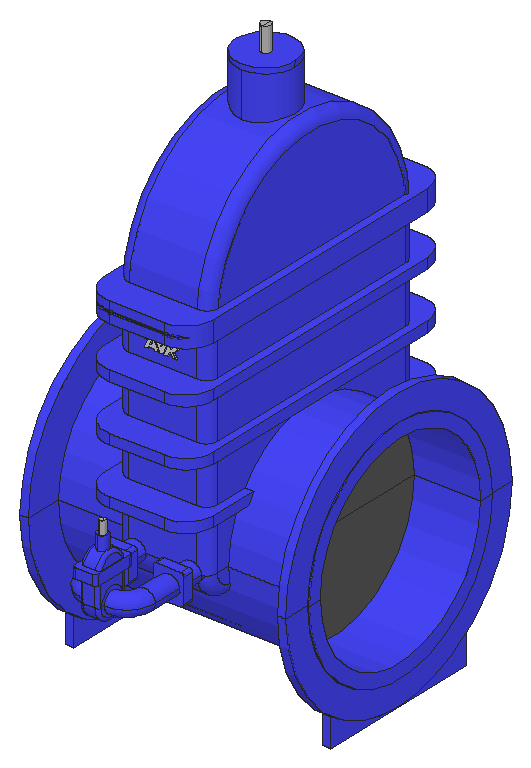
Revit family "02-60-0035 DN450-600 WITH BYPASS", category Pipe Accessories, Revit 2022
Family settings
  Round Connector Dimension = Use Diameter
  Part Type = Valve - Breaks Into
  Work Plane-Based = No
  Always vertical = Yes
  Cut with Voids When Loaded = No
  Shared = No
Parameters (values of type "DN600_PN16")
  Ww = Body_W * 1.2  # 162.72 mm
  W1 = (H3 - H) * 0.6  # 251.4 mm
  W = size_lookup(Search_table, "W", 0 mm, DN) / 2  # 479 mm
  URL_product_pages = "https://www.avkvalves.com/P.aspx?no=0245060004642"
  Stem_H = F2 * 1.3  # 91 mm
  Search_table = "02-60-0035 DN450-600 WITH BYPASS"
  Rib_T = FL_T * 0.5  # 15 mm
  Rib_R = Ww * 0.5  # 81.36 mm
  Rib_H = Body_H * 0.25  # 168.75 mm
  Raised_dis = size_lookup(Search_table, "Raised_dis", 0 mm, DN)  # 5 mm
  Raised_R = size_lookup(Search_table, "Raised_R", 0 mm, DN) / 2  # 341 mm
  Pipe_R = 30.5 mm  # constant formula
  OD = size_lookup(Search_table, "OD", 0 mm, DN) / 2  # 420 mm
  L = size_lookup(Search_table, "L", 0 mm, DN)  # 800 mm
  H3-H = H3 - H  # 419 mm
  H3 = size_lookup(Search_table, "H3", 0 mm, DN)  # 1682 mm
  H = size_lookup(Search_table, "H", 0 mm, DN)  # 1263 mm
  FL_T = size_lookup(Search_table, "FL_T", 0 mm, DN)  # 30 mm
  F2 = size_lookup(Search_table, "F2", 0 mm, DN)  # 70 mm
  F14 = size_lookup(Search_table, "F14", 0 mm, DN) / 2  # 87.5 mm
  F1 = size_lookup(Search_table, "F1", 0 mm, DN) / 2  # 0 mm
  F = size_lookup(Search_table, "F", 0 mm, DN) / 2  # 15 mm
  Disk_T = L * 0.25  # 200 mm
  Description_ = "AVK GATE VALVE, FLANGED, PN10/16"
  Default Elevation = 0 mm
  DN600_PN16 = "02-600-60-014642"
  DN600_PN10 = "02-600-60-004642"
  DN500_PN16 = "02-500-60-014642"
  DN500_PN10 = "02-500-60-004642"
  DN450_PN16 = "02-450-60-014642"
  DN450_PN10 = "02-450-60-004642"
  DN = 600.1 mm
  Bore_R = size_lookup(Search_table, "Bore_R", 0 mm, DN)  # 300 mm
  Body_W = (BP_Pipe_dis + Pipe_R) * 1.2  # 135.6 mm
  Body_T = size_lookup(Search_table, "Body_T", 0 mm, DN)  # 14 mm
  Body_R = Body_W * 0.25  # 33.9 mm
  Body_L = W * 0.8  # 383.2 mm
  Body_H = size_lookup(Search_table, "Body_H", 0 mm, DN)  # 675 mm
  Body_Arc = Bore_R * 0.65  # 195 mm
  Blind_P = Pipe_R * 1.5  # 45.75 mm
  BP_stem_R = BP_stem * 1.8  # 16.2 mm
  BP_stem_H = size_lookup(Search_table, "BP_stem_H", 0 mm, DN)  # 36 mm
  BP_stem = size_lookup(Search_table, "BP_stem", 0 mm, DN)  # 9 mm
  BP_dis = size_lookup(Search_table, "BP_dis", 0 mm, DN)  # 607 mm
  BP_Total_H = size_lookup(Search_table, "BP_Total_H", 0 mm, DN)  # 208 mm
  BP_Pipe_dis = size_lookup(Search_table, "BP_Pipe_dis", 0 mm, DN)  # 82.5 mm
  BP_P_R = size_lookup(Search_table, "BP_P_R", 0 mm, DN)  # 54.5 mm
  BP_FL_W = size_lookup(Search_table, "BP_FL_W", 0 mm, DN)  # 35 mm
  BP_FL_L. = size_lookup(Search_table, "BP_FL_L.", 0 mm, DN)  # 68 mm
  BP_B_R = size_lookup(Search_table, "BP_B_R", 0 mm, DN)  # 30 mm
  BP_BH = size_lookup(Search_table, "BP_BH", 0 mm, DN)  # 85 mm
  BP_BW = size_lookup(Search_table, "BP_BW", 0 mm, DN)  # 28 mm
  BP_BL = size_lookup(Search_table, "BP_BL", 0 mm, DN)  # 50 mm
  5 = 5 mm  # constant formula
  3 = 3 mm  # constant formula
  10 = 10 mm  # constant formula
Types (7, lengths in mm): name | W1 | W | Rib_T | Rib_H | Raised_dis | Raised_R | OD | L | H3-H | H3 | H | FL_T | Disk_T | DN | Bore_R | Body_L | Body_H | Body_Arc | BP_dis
  (no name) | 251.4 | 479 | 15 | 168.75 | 5 | 341 | 420 | 800 | 419 | 1682 | 1263 | 30 | 200 | 600.1 | 300 | 383.2 | 675 | 195 | 607
  DN600_PN10 | 251.4 | 479 | 15 | 168.75 | 5 | 341 | 390 | 800 | 419 | 1682 | 1263 | 30 | 200 | 600 | 300 | 383.2 | 675 | 195 | 607
  DN600_PN16 | 251.4 | 479 | 15 | 168.75 | 5 | 341 | 420 | 800 | 419 | 1682 | 1263 | 30 | 200 | 600.1 | 300 | 383.2 | 675 | 195 | 607
  DN500_PN10 | 214.2 | 420 | 13.5 | 145 | 4 | 291 | 335 | 700 | 357 | 1481 | 1124 | 27 | 175 | 500 | 250 | 336 | 580 | 162.5 | 557
  DN500_PN16 | 214.2 | 420 | 16 | 145 | 4 | 304.5 | 357.5 | 700 | 357 | 1481 | 1124 | 32 | 175 | 500.1 | 250 | 336 | 580 | 162.5 | 557
  DN450_PN10 | 192 | 419 | 13 | 138 | 4 | 265 | 307.5 | 650 | 320 | 1416 | 1096 | 26 | 162.5 | 450 | 225 | 335.2 | 552 | 146.25 | 557
  DN450_PN16 | 192 | 419 | 15 | 138 | 4 | 274 | 320 | 650 | 320 | 1416 | 1096 | 30 | 162.5 | 450.1 | 225 | 335.2 | 552 | 146.25 | 557
Reference planes
  plane 1 "Center (Front/Back)": y = 0
  plane 2: z = 0
  plane 3 "Center (Left/Right)": x = 0
  plane 4: y = 419
  plane 5: y = 341
  plane 6: y = 300
  plane 7: z = 1263
  plane 8: z = 419
  plane 9: z = 300
  plane 10: x = -400
  plane 11: x = 400
  plane 12: y = -607
  plane 13: x = -82.5
  plane 14: x = 82.5
  plane 15: y = -449
  plane 16: y = 383.2
  plane 17: y = 300
  plane 18: y = -300
  plane 19: z = 675
  plane 20: z = 1193
  plane 21: z = 506.25
  plane 22: z = 337.5
  plane 23: z = 168.75
  plane 24: z = 85
  plane 25: z = 208
  plane 26: z = 208
  plane 27: y = -479
  plane 28: z = 172
  plane 29: z = 172
  plane 30: z = -419
  plane 31: y = 479
  plane 32: y = 15
  plane 33: y = -15
  plane 34: y = -383.2
Forms (mm)
  Revolve 1, solid, material "Laminate, Blue, Matte"
    sketch origin (0, 0, 0) x (1, 0, 0) y (0, 1, 0)
      loop
        line (-400, 341) -> (-400, 300) -> (400, 300) -> (400, 341) -> (395, 341) -> (395, 419) -> (370, 419) -> (370, 310) -> (-370, 310) -> (-370, 419) -> (-395, 419) -> (-395, 341) -> (-400, 341)
      axis (-400, 0) -> (400, 0)
    angle from 360 to 0
  Extrusion 2, solid, material "Laminate, Blue, Matte"
    sketch origin (0, 0, 0) x (1, 0, 0) y (0, 1, 0)
      loop
        arc (-18, -557) -> (-25.071, -559.929) -> (-28, -567) r 10
        line (-28, -567) -> (-28, -647)
        arc (-28, -647) -> (-25.071, -654.071) -> (-18, -657) r 10
        line (-18, -657) -> (18, -657)
        arc (18, -657) -> (25.071, -654.071) -> (28, -647) r 10
        line (28, -647) -> (28, -567)
        arc (28, -567) -> (25.071, -559.929) -> (18, -557) r 10
        line (18, -557) -> (-18, -557)
    from 0 to 85
  Sweep 3, solid, material "Laminate, Blue, Matte"
    path origin (0, 0, 0) x (1, 0, 0) y (0, 1, 0)
      loop
        line (82.5, 0) -> (82.5, -552.5)
        arc (82.5, -552.5) -> (66.537, -591.037) -> (28, -607) r 54.5
        line (28, -607) -> (-28, -607)
        arc (-28, -607) -> (-66.537, -591.037) -> (-82.5, -552.5) r 54.5
        line (-82.5, -552.5) -> (-82.5, 0)
    profile origin (0, -607, 0) x (0, -1, 0) y (0, 0, 1)
      loop
        circle (0, 0) r 30.5
  Revolve 4, solid, material "Laminate, Blue, Matte"
    sketch origin (0, 0, 0) x (1, 0, 0) y (0, 1, 0)
      loop
        line (-28, -567) -> (-28, -607) -> (28, -607) -> (28, -567)
        arc (28, -567) -> (25.071, -559.929) -> (18, -557) r 10
        line (18, -557) -> (-18, -557)
        arc (-18, -557) -> (-25.071, -559.929) -> (-28, -567) r 10
      axis (-28, -607) -> (28, -607)
    angle from 360 to 0
  Revolve 5, solid, material "Aluminum 1100-O"
    sketch origin (0, 0, 0) x (1, 0, 0) y (0, 1, 0)
      loop
        line (-200, 300) -> (-200, 0) -> (200, 0) -> (200, 300) -> (-200, 300)
      axis (-200, 0) -> (200, 0)
    angle from 360 to 0
  Extrusion 6, solid, material "Laminate, Blue, Matte"
    sketch origin (0, 0, 0) x (1, 0, 0) y (0, 1, 0)
      loop
        arc (-101.7, 383.2) -> (-125.671, 373.271) -> (-135.6, 349.3) r 33.9
        line (-135.6, 349.3) -> (-135.6, -349.3)
        arc (-135.6, -349.3) -> (-125.671, -373.271) -> (-101.7, -383.2) r 33.9
        line (-101.7, -383.2) -> (101.7, -383.2)
        arc (101.7, -383.2) -> (125.671, -373.271) -> (135.6, -349.3) r 33.9
        line (135.6, -349.3) -> (135.6, 349.3)
        arc (135.6, 349.3) -> (125.671, 373.271) -> (101.7, 383.2) r 33.9
        line (101.7, 383.2) -> (-101.7, 383.2)
    from 0 to 675
  Revolve 7, solid, material "Laminate, Blue, Matte"
    sketch origin (0, 0, 0) x (1, 0, 0) y (0, 1, 0)
      loop
        arc (-101.7, 383.2) -> (-125.671, 373.271) -> (-135.6, 349.3) r 33.9
        line (-135.6, 349.3) -> (-135.6, 300) -> (135.6, 300) -> (135.6, 349.3)
        arc (135.6, 349.3) -> (125.671, 373.271) -> (101.7, 383.2) r 33.9
        line (101.7, 383.2) -> (-101.7, 383.2)
      axis (135.6, 300) -> (-135.6, 300)
    angle from 0 to 180
  Revolve 8, solid, material "Laminate, Blue, Matte"
    sketch origin (0, 0, 0) x (1, 0, 0) y (0, 1, 0)
      loop
        arc (-135.6, -349.3) -> (-125.671, -373.271) -> (-101.7, -383.2) r 33.9
        line (-101.7, -383.2) -> (101.7, -383.2)
        arc (101.7, -383.2) -> (125.671, -373.271) -> (135.6, -349.3) r 33.9
        line (135.6, -349.3) -> (135.6, -300) -> (-135.6, -300) -> (-135.6, -349.3)
      axis (-135.6, -300) -> (135.6, -300)
    angle from 0 to 180
  Revolve 9, solid, material "Default Roof"
    sketch origin (0, 0, 0) x (0, 1, 0) y (0, 0, 1)
      loop
        line (0, 1263) -> (-15, 1263) -> (-15, 1193) -> (0, 1193) -> (0, 1263)
      axis (0, 1263) -> (0, 1193)
    angle from 0 to 360
  Extrusion 10, solid, material "Laminate, Blue, Matte"
    sketch origin (-1592.941, -1524, 1193) x (-1, 0, 0) y (0, -1, 0)
      loop
        circle (-1592.941, -1524) r 87.5
    from 0 to -15
  Extrusion 11, solid, material "Laminate, Blue, Matte"
    sketch origin (-531.127, -1524, 506.25) x (-1, 0, 0) y (0, -1, 0)
      loop
        arc (-449.767, -2003) -> (-392.237, -1979.17) -> (-368.407, -1921.64) r 81.36
        line (-368.407, -1921.64) -> (-368.407, -1126.36)
        arc (-368.407, -1126.36) -> (-392.237, -1068.83) -> (-449.767, -1045) r 81.36
        line (-449.767, -1045) -> (-612.487, -1045)
        arc (-612.487, -1045) -> (-670.017, -1068.83) -> (-693.847, -1126.36) r 81.36
        line (-693.847, -1126.36) -> (-693.847, -1921.64)
        arc (-693.847, -1921.64) -> (-670.017, -1979.17) -> (-612.487, -2003) r 81.36
        line (-612.487, -2003) -> (-449.767, -2003)
    from -15 to 15
  Extrusion 12, solid, material "Laminate, Blue, Matte"
    sketch origin (-485.614, -1524, 337.5) x (-1, 0, 0) y (0, -1, 0)
      loop
        arc (-404.254, -2003) -> (-346.724, -1979.17) -> (-322.894, -1921.64) r 81.36
        line (-322.894, -1921.64) -> (-322.894, -1126.36)
        arc (-322.894, -1126.36) -> (-346.724, -1068.83) -> (-404.254, -1045) r 81.36
        line (-404.254, -1045) -> (-566.974, -1045)
        arc (-566.974, -1045) -> (-624.504, -1068.83) -> (-648.334, -1126.36) r 81.36
        line (-648.334, -1126.36) -> (-648.334, -1921.64)
        arc (-648.334, -1921.64) -> (-624.504, -1979.17) -> (-566.974, -2003) r 81.36
        line (-566.974, -2003) -> (-404.254, -2003)
    from -15 to 15
  Extrusion 13, solid, material "Laminate, Blue, Matte"
    sketch origin (-485.614, -1524, 168.75) x (-1, 0, 0) y (0, -1, 0)
      loop
        arc (-404.254, -2003) -> (-346.724, -1979.17) -> (-322.894, -1921.64) r 81.36
        line (-322.894, -1921.64) -> (-322.894, -1126.36)
        arc (-322.894, -1126.36) -> (-346.724, -1068.83) -> (-404.254, -1045) r 81.36
        line (-404.254, -1045) -> (-566.974, -1045)
        arc (-566.974, -1045) -> (-624.504, -1068.83) -> (-648.334, -1126.36) r 81.36
        line (-648.334, -1126.36) -> (-648.334, -1921.64)
        arc (-648.334, -1921.64) -> (-624.504, -1979.17) -> (-566.974, -2003) r 81.36
        line (-566.974, -2003) -> (-404.254, -2003)
    from -15 to 15
  Extrusion 14, solid, material "Laminate, Blue, Matte"
    sketch origin (-965.929, -1524, 675) x (-1, 0, 0) y (0, -1, 0)
      loop
        arc (-884.569, -2003) -> (-827.039, -1979.17) -> (-803.209, -1921.64) r 81.36
        line (-803.209, -1921.64) -> (-803.209, -1126.36)
        arc (-803.209, -1126.36) -> (-827.039, -1068.83) -> (-884.569, -1045) r 81.36
        line (-884.569, -1045) -> (-1047.289, -1045)
        arc (-1047.289, -1045) -> (-1104.82, -1068.83) -> (-1128.649, -1126.36) r 81.36
        line (-1128.649, -1126.36) -> (-1128.649, -1921.64)
        arc (-1128.649, -1921.64) -> (-1104.82, -1979.17) -> (-1047.289, -2003) r 81.36
        line (-1047.289, -2003) -> (-884.569, -2003)
    from -30 to 30
  Sweep 15, void
    path origin (-965.929, -1524, 675) x (-1, 0, 0) y (0, -1, 0)
      loop
        line (-1047.289, -2003) -> (-884.569, -2003)
        arc (-884.569, -2003) -> (-827.039, -1979.17) -> (-803.209, -1921.64) r 81.36
        line (-803.209, -1921.64) -> (-803.209, -1126.36)
        arc (-803.209, -1126.36) -> (-827.039, -1068.83) -> (-884.569, -1045) r 81.36
        line (-884.569, -1045) -> (-1047.289, -1045)
        arc (-1047.289, -1045) -> (-1113.305, -1072.345) -> (-1140.649, -1138.36) r 93.36
        line (-1140.649, -1138.36) -> (-1140.649, -1909.64)
        arc (-1140.649, -1909.64) -> (-1113.305, -1975.655) -> (-1047.289, -2003) r 93.36
    profile origin (0, 479, 675) x (0, -1, 0) y (0, 0, 1)
      loop
        circle (0, 0) r 3
  Revolve 16, solid, material "Laminate, Blue, Matte"
    sketch origin (-965.929, -1524, 675) x (-1, 0, 0) y (0, -1, 0)
      loop
        line (-830.329, -1873.3) -> (-830.329, -1524) -> (-1101.529, -1524) -> (-1101.529, -1873.3)
        arc (-1101.529, -1873.3) -> (-1091.6, -1897.271) -> (-1067.629, -1907.2) r 33.9
        line (-1067.629, -1907.2) -> (-864.229, -1907.2)
        arc (-864.229, -1907.2) -> (-840.258, -1897.271) -> (-830.329, -1873.3) r 33.9
      axis (-830.329, -1524) -> (-1101.529, -1524)
    angle from 0 to -180
  Revolve 17, solid, material "Laminate, Blue, Matte"
    sketch origin (0, 0, 0) x (0, 1, 0) y (0, 0, 1)
      loop
        line (0, 1178) -> (-87.5, 1178) -> (-87.5, 675) -> (0, 675) -> (0, 1178)
      axis (0, 675) -> (0, 1178)
    angle from 360 to 0
  Revolve 18, solid, material "Laminate, Blue, Matte"
    sketch origin (-485.614, -1524, 85) x (-1, 0, 0) y (0, -1, 0)
      loop
        line (-457.614, -957) -> (-457.614, -917) -> (-513.614, -917) -> (-513.614, -957)
        arc (-513.614, -957) -> (-510.685, -964.071) -> (-503.614, -967) r 10
        line (-503.614, -967) -> (-467.614, -967)
        arc (-467.614, -967) -> (-460.543, -964.071) -> (-457.614, -957) r 10
      axis (-457.614, -917) -> (-513.614, -917)
    angle from 0 to -180
  Extrusion 19, solid, material "Laminate, Blue, Matte"
    sketch origin (-485.614, -1524, 85) x (-1, 0, 0) y (0, -1, 0)
      loop
        arc (-460.614, -985) -> (-453.543, -982.071) -> (-450.614, -975) r 10
        line (-450.614, -975) -> (-450.614, -859)
        arc (-450.614, -859) -> (-453.543, -851.929) -> (-460.614, -849) r 10
        line (-460.614, -849) -> (-510.614, -849)
        arc (-510.614, -849) -> (-517.685, -851.929) -> (-520.614, -859) r 10
        line (-520.614, -859) -> (-520.614, -975)
        arc (-520.614, -975) -> (-517.685, -982.071) -> (-510.614, -985) r 10
        line (-510.614, -985) -> (-460.614, -985)
    from -15 to 15
  Revolve 20, solid, material "Default Roof"
    sketch origin (0, 0, 0) x (0, 1, 0) y (0, 0, 1)
      loop
        line (-607, 208) -> (-616, 208) -> (-616, 172) -> (-607, 172) -> (-607, 208)
      axis (-607, 208) -> (-607, 172)
    angle from 0 to 360
  Extrusion 21, solid, material "Laminate, Blue, Matte"
    sketch origin (0, 0, 0) x (1, 0, 0) y (0, 0, 1)
      loop
        arc (-118.25, 45.75) -> (-125.321, 42.821) -> (-128.25, 35.75) r 10
        line (-128.25, 35.75) -> (-128.25, -35.75)
        arc (-128.25, -35.75) -> (-125.321, -42.821) -> (-118.25, -45.75) r 10
        line (-118.25, -45.75) -> (-46.75, -45.75)
        arc (-46.75, -45.75) -> (-39.679, -42.821) -> (-36.75, -35.75) r 10
        line (-36.75, -35.75) -> (-36.75, 35.75)
        arc (-36.75, 35.75) -> (-39.679, 42.821) -> (-46.75, 45.75) r 10
        line (-46.75, 45.75) -> (-118.25, 45.75)
      loop
        arc (46.75, 45.75) -> (39.679, 42.821) -> (36.75, 35.75) r 10
        line (36.75, 35.75) -> (36.75, -35.75)
        arc (36.75, -35.75) -> (39.679, -42.821) -> (46.75, -45.75) r 10
        line (46.75, -45.75) -> (118.25, -45.75)
        arc (118.25, -45.75) -> (125.321, -42.821) -> (128.25, -35.75) r 10
        line (128.25, -35.75) -> (128.25, 35.75)
        arc (128.25, 35.75) -> (125.321, 42.821) -> (118.25, 45.75) r 10
        line (118.25, 45.75) -> (46.75, 45.75)
    from 464 to 434
  Extrusion 22, solid, material "Laminate, Blue, Matte"
    sketch origin (0, -454.77, 172) x (0, 1, 0) y (-1, 0, 0)
      loop
        circle (-152.23, 0) r 16.2
    from 0 to -87
  Extrusion 23, solid, material "Laminate, Blue, Matte"
    sketch origin (0, 0, 0) x (0, 1, 0) y (0, 0, 1)
      loop
        arc (251.4, -335.2) -> (132.499, -397.498) -> (0, -419) r 419
        line (0, -419) -> (251.4, -419) -> (251.4, -335.2)
    from 370 to 395
  Extrusion 24, solid, material "Laminate, Blue, Matte"
    sketch origin (0, 0, 0) x (0, -1, 0) y (0, 0, -1)
      loop
        line (251.4, 335.2) -> (251.4, 419) -> (0, 419)
        arc (0, 419) -> (132.499, 397.498) -> (251.4, 335.2) r 419
    from 370 to 395
  Extrusion 25, solid, material "Laminate, Blue, Matte"
    sketch origin (0, 0, 0) x (0, 1, 0) y (0, 0, 1)
      loop
        line (251.4, -419) -> (251.4, -335.2)
        arc (251.4, -335.2) -> (132.499, -397.498) -> (0, -419) r 419
        line (0, -419) -> (251.4, -419)
    from -395 to -370
  Extrusion 26, solid, material "Laminate, Blue, Matte"
    sketch origin (0, 0, 0) x (0, 1, 0) y (0, 0, 1)
      loop
        line (-251.4, -419) -> (0, -419)
        arc (0, -419) -> (-132.499, -397.498) -> (-251.4, -335.2) r 419
        line (-251.4, -335.2) -> (-251.4, -419)
    from -395 to -370
  Extrusion 27, solid
    sketch origin (0, 0, 0) x (1, 0, 0) y (0, 0, 1)
      loop
        line (-50.279, 553.016) -> (-40.222, 553.016) -> (-37.754, 559.123) -> (-22.754, 559.123) -> (-20.162, 553.016) -> (-10.162, 553.016) -> (-24.476, 586.738) -> (-50.695, 586.738) -> (-50.695, 576.738) -> (-40.695, 576.738) -> (-50.279, 553.016)
      loop
        line (-34.61, 566.906) -> (-26.058, 566.906) -> (-30.439, 577.228) -> (-34.61, 566.906)
      loop
        line (-50.695, 599.443) -> (-50.695, 589.443) -> (-21.834, 589.443) -> (-6.372, 553.016) -> (4.159, 553.016) -> (18.876, 589.443) -> (47.131, 589.443) -> (47.131, 599.443) -> (12.131, 599.443) -> (-0.98, 566.991) -> (-14.755, 599.443) -> (-50.695, 599.443)
      loop
        line (20.713, 586.738) -> (7.088, 553.016) -> (18.349, 553.016) -> (23.258, 565.165) -> (24.328, 565.165) -> (32.835, 553.016) -> (44.35, 553.016) -> (33.102, 566.906) -> (33.102, 568.019)
        arc (33.102, 568.019) -> (39.806, 571.291) -> (44.4, 577.168) r 16.601
        line (44.4, 577.168) -> (47.409, 577.168) -> (47.409, 586.738) -> (37.409, 586.738)
        arc (37.409, 586.738) -> (34.469, 578.561) -> (26.926, 574.245) r 12.568
        line (26.926, 574.245) -> (31.974, 586.738) -> (20.713, 586.738)
    from 383.2 to 386.2
Cuts and joins
  Sweep 15 cuts Extrusion 14
Dimensions and locks
  "Raised_R": plane 1 "Center (Front/Back)" to plane 5
  "H3-H": plane 1 "Center (Front/Back)" to plane 4
  "Bore_R": plane 1 "Center (Front/Back)" to plane 6
  "Bore_R": plane 9 to level
  equal spacing: plane 11, plane 3 "Center (Left/Right)", plane 10
  "L": plane 11 to plane 10
  "H3-H": plane 8 to level
  "Raised_dis": plane 10 to Revolve 1 sketch curve
  "Raised_dis": Revolve 1 sketch curve to plane 11
  "FL_T": plane 10 to Revolve 1 sketch curve
  "FL_T": Revolve 1 sketch curve to plane 11
  "10": Revolve 1 sketch curve to plane 6
  "BP_dis": plane 12 to plane 1 "Center (Front/Back)"
  equal spacing: plane 13, plane 3 "Center (Left/Right)", plane 14
  "BP_Pipe_dis": plane 13 to plane 3 "Center (Left/Right)"
  equal spacing: Sweep 3 sketch curve, plane 12, Sweep 3 sketch curve
  equal spacing: Sweep 3 sketch curve, level, Sweep 3 sketch curve
  equal spacing: Extrusion 2 sketch curve, plane 12, Extrusion 2 sketch curve
  equal spacing: Extrusion 2 sketch curve, plane 3 "Center (Left/Right)", Extrusion 2 sketch curve
  "BP_BW": Extrusion 2 sketch curve to plane 3 "Center (Left/Right)"
  "BP_BL": Extrusion 2 sketch curve to plane 12
  equal spacing: Revolve 5 sketch curve, plane 3 "Center (Left/Right)", Revolve 5 sketch curve
  "Disk_T": Revolve 5 sketch curve to plane 3 "Center (Left/Right)"
  "Bore_R": plane 1 "Center (Front/Back)" to Revolve 5 sketch curve
  equal spacing: Extrusion 6 sketch curve, plane 3 "Center (Left/Right)", Extrusion 6 sketch curve
  equal spacing: Extrusion 6 sketch curve, plane 1 "Center (Front/Back)", Extrusion 6 sketch curve
  "Body_L": plane 1 "Center (Front/Back)" to Extrusion 6 sketch curve
  "Body_W": plane 3 "Center (Left/Right)" to Extrusion 6 sketch curve
  "Body_L": plane 1 "Center (Front/Back)" to plane 16
  "Bore_R": plane 1 "Center (Front/Back)" to plane 17
  "Bore_R": plane 18 to plane 1 "Center (Front/Back)"
  "Body_H": plane 19 to level
  "H": plane 7 to plane 2
  "F2": plane 7 to plane 20
  "F": plane 1 "Center (Front/Back)" to Revolve 9 sketch curve
  equal spacing: Extrusion 10 sketch curve, plane 3 "Center (Left/Right)", Extrusion 10 sketch curve
  equal spacing: Extrusion 10 sketch curve, plane 1 "Center (Front/Back)", Extrusion 10 sketch curve
  "F": plane 20 to Extrusion 10
  "Rib_H": plane 19 to plane 21
  "Rib_H": plane 21 to plane 22
  "Rib_H": plane 22 to plane 23
  equal spacing: Extrusion 11 sketch curve, plane 1 "Center (Front/Back)", Extrusion 11 sketch curve
  equal spacing: Extrusion 11 sketch curve, plane 3 "Center (Left/Right)", Extrusion 11 sketch curve
  "W": plane 1 "Center (Front/Back)" to Extrusion 11 sketch curve
  "Ww": plane 3 "Center (Left/Right)" to Extrusion 11 sketch curve
  equal spacing: Extrusion 11, plane 21, Extrusion 11
  equal spacing: Extrusion 12 sketch curve, plane 3 "Center (Left/Right)", Extrusion 12 sketch curve
  equal spacing: Extrusion 12 sketch curve, plane 1 "Center (Front/Back)", Extrusion 12 sketch curve
  "W": plane 1 "Center (Front/Back)" to Extrusion 12 sketch curve
  "Ww": Extrusion 12 sketch curve to plane 3 "Center (Left/Right)"
  equal spacing: Extrusion 12, plane 22, Extrusion 12
  "Rib_T": Extrusion 12 to plane 22
  "Rib_T": Extrusion 11 to plane 21
  equal spacing: Extrusion 13 sketch curve, plane 3 "Center (Left/Right)", Extrusion 13 sketch curve
  equal spacing: Extrusion 13 sketch curve, plane 1 "Center (Front/Back)", Extrusion 13 sketch curve
  "Ww": Extrusion 13 sketch curve to plane 3 "Center (Left/Right)"
  "W": plane 1 "Center (Front/Back)" to Extrusion 13 sketch curve
  equal spacing: Extrusion 13, plane 23, Extrusion 13
  "Rib_T": Extrusion 13 to plane 23
  "W": plane 1 "Center (Front/Back)" to Extrusion 14 sketch curve
  equal spacing: Extrusion 14 sketch curve, plane 3 "Center (Left/Right)", Extrusion 14 sketch curve
  "Ww": Extrusion 14 sketch curve to plane 3 "Center (Left/Right)"
  equal spacing: Extrusion 14 sketch curve, plane 1 "Center (Front/Back)", Extrusion 14 sketch curve
  "FL_T": Extrusion 14 to plane 19
  "FL_T": plane 19 to Extrusion 14
  equal spacing: Sweep 15 sketch curve, profile plane, Sweep 15 sketch curve
  "W": Sweep 15 sketch curve to plane 1 "Center (Front/Back)"
  "F14": plane 1 "Center (Front/Back)" to Revolve 17 sketch curve
  "F": plane 20 to Revolve 17 sketch curve
  "BP_BH": plane 24 to level
  equal spacing: Extrusion 19 sketch curve, plane 12, Extrusion 19 sketch curve
  equal spacing: Extrusion 19 sketch curve, plane 3 "Center (Left/Right)", Extrusion 19 sketch curve
  "BP_FL_L.": Extrusion 19 sketch curve to plane 12
  "BP_FL_W": Extrusion 19 sketch curve to plane 3 "Center (Left/Right)"
  equal spacing: Extrusion 19, plane 24, Extrusion 19
  "Rib_T": plane 24 to Extrusion 19
  "BP_Total_H": plane 25 to level
  "BP_stem": plane 12 to Revolve 20 sketch curve
  "BP_Total_H": plane 26 to level
  "BP_stem_H": plane 26 to Revolve 20
  "W": plane 1 "Center (Front/Back)" to plane 27  (x2)
  equal spacing: Extrusion 21 sketch curve, plane 13, Extrusion 21 sketch curve
  equal spacing: Extrusion 21 sketch curve, plane 14, Extrusion 21 sketch curve
  equal spacing: Extrusion 21 sketch curve, level, Extrusion 21 sketch curve  (x2)
  "Blind_P": Extrusion 21 sketch curve to plane 14
  "Blind_P": level to Extrusion 21 sketch curve
  "Blind_P": Extrusion 21 sketch curve to plane 13
  "FL_T": plane 15 to plane 27
  "Rib_T": Extrusion 21 to plane 15
  "Rib_T": plane 15 to Extrusion 21
  "BP_stem_H": plane 25 to plane 28
  "BP_stem_H": plane 26 to plane 29
  equal spacing: Extrusion 22 sketch curve, plane 3 "Center (Left/Right)", Extrusion 22 sketch curve
  equal spacing: Extrusion 22 sketch curve, plane 12, Extrusion 22 sketch curve
  plane 11 to plane 10 = 800 mm
  "H3": plane 7 to plane 30
  "W": plane 31 to plane 1 "Center (Front/Back)"
  plane 31 to plane 27 = 958 mm
  "F": plane 32 to plane 1 "Center (Front/Back)"
  "F": plane 1 "Center (Front/Back)" to plane 33
  plane 32 to plane 33 = 30 mm
  "W1": Extrusion 23 sketch curve to plane 1 "Center (Front/Back)"
  "W1": plane 1 "Center (Front/Back)" to Extrusion 24 sketch curve
  "W1": Extrusion 25 sketch curve to plane 1 "Center (Front/Back)"
  "W1": plane 1 "Center (Front/Back)" to Extrusion 26 sketch curve
  "Body_L": plane 1 "Center (Front/Back)" to plane 34
  "3": plane 34 to Extrusion 27
  "BP_P_R": radius of Sweep 3 sketch curve  (x2)
  "Pipe_R": radius of Sweep 3 sketch curve
  "10": radius of Extrusion 2 sketch curve  (x4)
  "Body_R": radius of Extrusion 6 sketch curve  (x4)
  "F14": radius of Extrusion 10 sketch curve
  "Rib_R": radius of Extrusion 11 sketch curve  (x4)
  "Rib_R": radius of Extrusion 12 sketch curve  (x4)
  "Rib_R": radius of Extrusion 13 sketch curve  (x4)
  "Rib_R": radius of Extrusion 14 sketch curve  (x4)
  "3": radius of Sweep 15 sketch curve
  "10": radius of Extrusion 19 sketch curve  (x4)
  "10": radius of Extrusion 21 sketch curve  (x8)
  "BP_stem_R": radius of Extrusion 22 sketch curve
  aligned and locked: level to plane 2
  aligned and locked: plane 1 "Center (Front/Back)" to Revolve 1 sketch curve
  aligned and locked: Revolve 1 sketch curve to Revolve 1 sketch curve  (x2)
  aligned and locked: plane 4 to Revolve 1 sketch curve
  aligned and locked: plane 11 to Revolve 1 sketch curve
  aligned and locked: Revolve 1 sketch curve to plane 10
  aligned and locked: plane 5 to Revolve 1 sketch curve
  aligned and locked: Revolve 1 sketch curve to plane 6
  aligned and locked: plane 1 "Center (Front/Back)" to Sweep 3 sketch curve  (x2)
  aligned and locked: plane 13 to Sweep 3 sketch curve
  aligned and locked: plane 12 to Sweep 3 sketch curve
  aligned and locked: Sweep 3 sketch curve to plane 14
  aligned and locked: Extrusion 2 to level
  aligned and locked: Revolve 4 sketch curve to Extrusion 2  (x2)
  aligned and locked: Extrusion 2 to Revolve 4 sketch curve
  aligned and locked: Revolve 4 sketch curve to plane 12  (x2)
  aligned and locked: Revolve 5 sketch curve to plane 1 "Center (Front/Back)"
  aligned and locked: plane 1 "Center (Front/Back)" to Revolve 5 sketch curve
  aligned and locked: Extrusion 6 to level
  aligned and locked: Revolve 7 sketch curve to Extrusion 6  (x2)
  aligned and locked: Extrusion 6 to Revolve 7 sketch curve
  aligned and locked: Revolve 7 sketch curve to plane 17
  aligned and locked: plane 17 to Revolve 7 sketch curve
  aligned and locked: Revolve 8 sketch curve to Extrusion 6  (x2)
  aligned and locked: Revolve 8 sketch curve to plane 18  (x2)
  aligned and locked: plane 1 "Center (Front/Back)" to Revolve 9 sketch curve  (x2)
  aligned and locked: Revolve 9 sketch curve to plane 7
  aligned and locked: plane 20 to Revolve 9 sketch curve
  aligned and locked: plane 20 to Extrusion 10
  aligned and locked: plane 19 to Extrusion 6
  aligned and locked: Sweep 15 sketch curve to Extrusion 14
  aligned and locked: Revolve 16 sketch curve to Extrusion 6
  aligned and locked: plane 1 "Center (Front/Back)" to Revolve 16 sketch curve
  aligned and locked: Revolve 17 sketch curve to plane 1 "Center (Front/Back)"  (x2)
  aligned and locked: plane 19 to Revolve 17 sketch curve
  aligned and locked: plane 24 to Extrusion 2
  aligned and locked: Revolve 18 sketch curve to Extrusion 2
  aligned and locked: Revolve 18 sketch curve to plane 12  (x2)
  aligned and locked: Revolve 20 sketch curve to plane 12  (x2)
  aligned and locked: Revolve 20 sketch curve to plane 25
  aligned and locked: Revolve 20 to plane 26
  aligned and locked: Extrusion 21 sketch curve to Extrusion 21 sketch curve
  aligned and locked: plane 28 to Revolve 20 sketch curve
  aligned and locked: Extrusion 22 to Extrusion 2
  aligned and locked: plane 29 to Extrusion 22
  aligned and locked: Extrusion 23 sketch curve to Revolve 1
  aligned and locked: Extrusion 23 sketch curve to plane 30
  aligned and locked: Extrusion 24 sketch curve to Revolve 1
  aligned and locked: plane 30 to Extrusion 24 sketch curve
  aligned and locked: Extrusion 23 to Extrusion 24  (x2)
  aligned and locked: Extrusion 24 to Revolve 1
  aligned and locked: Revolve 1 to Extrusion 24
  aligned and locked: plane 30 to Extrusion 25 sketch curve
  aligned and locked: Extrusion 25 sketch curve to Revolve 1
  aligned and locked: Extrusion 26 sketch curve to Revolve 1
  aligned and locked: plane 30 to Extrusion 26 sketch curve
  aligned and locked: Extrusion 25 to Extrusion 26
  aligned and locked: Extrusion 26 to Extrusion 25
  aligned and locked: Revolve 1 to Extrusion 26
  aligned and locked: Extrusion 26 to Revolve 1
  aligned and locked: Extrusion 27 sketch curve to Extrusion 27 sketch curve
  aligned and locked: Extrusion 27 to Extrusion 6
  aligned and locked: Sweep 15 sketch curve to cut or joined group of Extrusion 14, Sweep 15
Automatic sketch dimensions
  Revolve 4 sketch curve to Revolve 4 sketch curve = 9.5 mm
  plane 13 to Revolve 4 sketch curve = 15 mm
  plane 14 to Revolve 7 sketch curve = 19.2 mm
  Revolve 7 sketch curve to Revolve 7 sketch curve = 40 mm
  Revolve 7 sketch curve to Revolve 7 sketch curve = 60 mm
  plane 13 to Sweep 15 sketch curve = 1.14 mm
  plane 1 "Center (Front/Back)" to Revolve 16 sketch curve = 0 mm
  Revolve 16 sketch curve to plane 16 = 0 mm
  Revolve 16 sketch curve to plane 13 = 19.2 mm
  plane 14 to Revolve 16 sketch curve = 19.2 mm
  plane 14 to Revolve 16 sketch curve = 53.1 mm
  Revolve 16 sketch curve to plane 10 = 70.6 mm
  Revolve 16 sketch curve to Revolve 16 sketch curve = 160 mm
  Revolve 18 sketch curve to Revolve 18 sketch curve = 10 mm
  plane 3 "Center (Left/Right)" to Revolve 18 sketch curve = 18 mm
  plane 3 "Center (Left/Right)" to Revolve 18 sketch curve = 28 mm
  Revolve 18 sketch curve to Revolve 18 sketch curve = 40 mm
  Revolve 18 sketch curve to Revolve 18 sketch curve = 15 mm  (x2)
  plane 13 to Extrusion 27 sketch curve = 31.805 mm
  Extrusion 27 sketch curve to Extrusion 27 sketch curve = 0 mm  (x3)
  Extrusion 27 sketch curve to Extrusion 27 sketch curve = 0.416 mm
  Extrusion 27 sketch curve to Extrusion 27 sketch curve = 10 mm  (x5)
  Extrusion 27 sketch curve to Extrusion 27 sketch curve = 10.058 mm
  Extrusion 27 sketch curve to Extrusion 27 sketch curve = 2.467 mm
  Extrusion 27 sketch curve to Extrusion 27 sketch curve = 3.144 mm
  Extrusion 27 sketch curve to Extrusion 27 sketch curve = 10.256 mm
  Extrusion 27 sketch curve to Extrusion 27 sketch curve = 8.552 mm
  Extrusion 27 sketch curve to Extrusion 27 sketch curve = 5.963 mm
  Extrusion 27 sketch curve to Extrusion 27 sketch curve = 3.304 mm
  Extrusion 27 sketch curve to Extrusion 27 sketch curve = 2.642 mm
  Extrusion 27 sketch curve to Extrusion 27 sketch curve = 2.592 mm
  Extrusion 27 sketch curve to Extrusion 27 sketch curve = 7.079 mm
  Extrusion 27 sketch curve to Extrusion 27 sketch curve = 3.79 mm
  Extrusion 27 sketch curve to plane 3 "Center (Left/Right)" = 0.98 mm
  plane 3 "Center (Left/Right)" to Extrusion 27 sketch curve = 4.159 mm
  Extrusion 27 sketch curve to Extrusion 27 sketch curve = 2.929 mm
  plane 3 "Center (Left/Right)" to Extrusion 27 sketch curve = 12.131 mm
  Extrusion 27 sketch curve to Extrusion 27 sketch curve = 11.261 mm
  Extrusion 27 sketch curve to Extrusion 27 sketch curve = 6.745 mm
  Extrusion 27 sketch curve to Extrusion 27 sketch curve = 4.909 mm
  Extrusion 27 sketch curve to Extrusion 27 sketch curve = 1.07 mm
  Extrusion 27 sketch curve to Extrusion 27 sketch curve = 5.965 mm
  Extrusion 27 sketch curve to Extrusion 27 sketch curve = 2.598 mm
  Extrusion 27 sketch curve to Extrusion 27 sketch curve = 4.518 mm
  Extrusion 27 sketch curve to Extrusion 27 sketch curve = 14.486 mm
  Extrusion 27 sketch curve to Extrusion 27 sketch curve = 6.176 mm
  Extrusion 27 sketch curve to Extrusion 27 sketch curve = 8.05 mm
  Extrusion 27 sketch curve to Extrusion 27 sketch curve = 11.515 mm
  Extrusion 27 sketch curve to Extrusion 27 sketch curve = 6.991 mm
  Extrusion 27 sketch curve to Extrusion 27 sketch curve = 9.722 mm
  Extrusion 27 sketch curve to Extrusion 27 sketch curve = 3.009 mm
  plane 21 to Extrusion 27 sketch curve = 46.766 mm  (x2)
  Extrusion 27 sketch curve to Extrusion 27 sketch curve = 6.107 mm
  Extrusion 27 sketch curve to Extrusion 27 sketch curve = 12.149 mm
  Extrusion 27 sketch curve to Extrusion 27 sketch curve = 7.783 mm
  Extrusion 27 sketch curve to Extrusion 27 sketch curve = 1.741 mm
  Extrusion 27 sketch curve to Extrusion 27 sketch curve = 13.975 mm
  Extrusion 27 sketch curve to Extrusion 27 sketch curve = 1.113 mm
  Extrusion 27 sketch curve to Extrusion 27 sketch curve = 6.226 mm
  Extrusion 27 sketch curve to Extrusion 27 sketch curve = 9.833 mm
  Extrusion 27 sketch curve to Extrusion 27 sketch curve = 9.149 mm
  Extrusion 27 sketch curve to Extrusion 27 sketch curve = 0.49 mm
  Extrusion 27 sketch curve to Extrusion 27 sketch curve = 2.447 mm
  Extrusion 27 sketch curve to Extrusion 27 sketch curve = 2.705 mm  (x2)
  Extrusion 27 sketch curve to Extrusion 27 sketch curve = 1.837 mm
  Extrusion 27 sketch curve to Extrusion 27 sketch curve = 2.615 mm
  Extrusion 27 sketch curve to Extrusion 27 sketch curve = 2.546 mm
  Sweep 15 sketch curve to plane 14 = 1.14 mm  (x2)
  plane 16 to Sweep 15 sketch curve = 2.44 mm
  Revolve 1 sketch curve to plane 10 = 173.184 mm
  plane 11 to Revolve 1 sketch curve = 56.816 mm
  plane 11 to Revolve 5 sketch curve = 97.5 mm
  Revolve 5 sketch curve to Revolve 5 sketch curve = 180 mm
  plane 14 to Revolve 8 sketch curve = 19.2 mm
  Revolve 8 sketch curve to Revolve 8 sketch curve = 44.4 mm
  Revolve 8 sketch curve to Revolve 8 sketch curve = 60 mm
  Revolve 9 sketch curve to Revolve 9 sketch curve = 320 mm
  Revolve 9 sketch curve to Revolve 9 sketch curve = 120 mm
  Revolve 17 sketch curve to Revolve 17 sketch curve = 56 mm
  Revolve 17 sketch curve to Revolve 17 sketch curve = 75 mm
  Extrusion 19 sketch curve to Extrusion 19 sketch curve = 0 mm
  Revolve 20 sketch curve to plane 9 = 0 mm
  Revolve 20 sketch curve to plane 22 = 17 mm
  Extrusion 24 sketch curve to plane 1 "Center (Front/Back)" = 0 mm
  Extrusion 25 sketch curve to plane 1 "Center (Front/Back)" = 0 mm
  Extrusion 26 sketch curve to plane 1 "Center (Front/Back)" = 0 mm
Connectors
  piping at (-395, 0, 0), diameter 600.1, driven by "DN"
    settings: on Revolve 1, index 1, connector inside diameter 609.6 mm, connector length 0 mm, flow factor 0, pipe flow 0.0 L/s, pressure drop 0.0 Pa, fitting loss kfactor 0, connector angle 0.00°, fixture units 0, engagement length 0 mm, angle of deflection 0.00°, flow configuration 0, flow direction 0, fitting loss method 0, system type 7, joint type 0, gender type 0, connector reference index -1, connector utility 0, adjustable connector no, is connector primary yes, connector description ""
  piping at (400, 0, 0), diameter 600.1, driven by "DN"
    settings: on Revolve 1, index 2, connector inside diameter 609.6 mm, connector length 0 mm, flow factor 0, pipe flow 0.0 L/s, pressure drop 0.0 Pa, fitting loss kfactor 0, connector angle 0.00°, fixture units 0, engagement length 0 mm, angle of deflection 0.00°, flow configuration 0, flow direction 0, fitting loss method 0, system type 7, joint type 0, gender type 0, connector reference index -1, connector utility 0, adjustable connector no, is connector primary no, connector description ""
